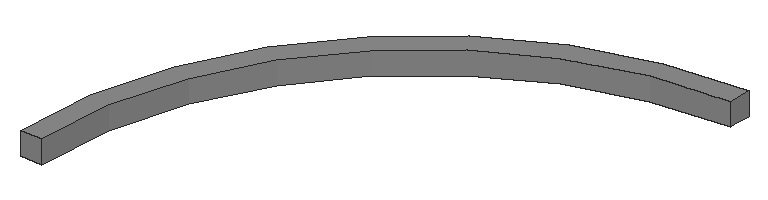
Revit family "Haworth_Pergola_Panel_TopRail_Radial", category Furniture Systems, Revit 2018
Family settings
  Round Connector Dimension = Use Diameter
  Part Type = Normal
  OmniClass Number = 23.40.70.14.64.21
  OmniClass Title = Systems Furniture
  Work Plane-Based = No
  Always vertical = Yes
  Cut with Voids When Loaded = No
  Shared = No
  Room Calculation Point = No
Parameters (values of type "72 in. radius")
  Warranty = "http://www.haworth.com/resources/product-info/warranties"
  URL - Product = "https://www.haworth.com/na/en/inspiration/pergola.html"
  URL = "http://www.haworth.com"
  Trim Finish = Haworth _ Paint _ Undecided _ Pergola
  Sustainability Info = "http://www.haworth.com/company-info/sustainablility"
  Standard Radius = "72 in."  # constant formula
  Model = "Haworth Pergola"  # constant formula
  Description = "Haworth - Pergola Panel - Top Rail - Radial"  # constant formula
  Actual Depth = 4"  # constant formula
  Size = "Verify Final Dim. w/ Haworth"  # constant formula
  Revision Number = "1"  # constant formula
  Min. Width = 48"  # constant formula
  Max. Width = 144"  # constant formula
  Min. Height = 4"  # constant formula
  Max. Height = 4"  # constant formula
  Manufacturer = "Haworth"  # constant formula
  Author = "Haworth (Bentzen)"  # constant formula
  Assembly Code = "E2020200"
  Actual Height = 4 25/128"  # constant formula
Reference planes (in)
  plane 1 "Bottom": z = 0
  plane 2 "Back": y = 2
  plane 3 "Front": y = -2
  plane 4 "Right": x = 119.5
  plane 5 "Top": z = 96
  plane 6 "Left": x = 45.48421
  plane 7 "Underbeam Height": z = 91.80469
  plane 8: y = 0.59915
  plane 9: y = -0.59915
  plane 10: z = 94.04331
  plane 11 "Bottom Front": y = -72.01577
  plane 12: y = 0.58381
  plane 13: y = -0.61501
  plane 14: y = -0.0156
  plane 15: x = 46.90413
  plane 16: x = 48.10295
  plane 17: x = 47.50354
  plane 18: y = -23.41619
  plane 19: y = -24.61501
  plane 20: y = -24.0156
  plane 21 "Bottom Right": x = 49.52287
  plane 22: x = 71.49983
  plane 23: z = 96
  plane 24: z = 91.80469
Forms (in)
  Revolve 1, solid, material "Haworth _ Paint _ Undecided _ Pergola" <- "Trim Finish"
    sketch origin (119.5, 0, 0.5) x (0, 1, 0) y (0, 0, 1)
      loop
        line (-2, 95.5) -> (-2, 91.30469) -> (-0.59915, 91.30469) -> (2, 91.30469) -> (2, 95.5) -> (-2, 95.5)
      axis (-72.01577, 91.30469) -> (-72.01577, 95.5)
    angle from 0 to 90
Lines and regions (in)
  Masking region 1
    outline origin (0, 0, 0) x (1, 0, 0) y (0, 1, 0)
      loop
        arc (119.5, 2) -> (67.16295, -19.67872) -> (45.48423, -72.01577) r 74.01577
        line (45.48423, -72.01577) -> (49.48423, -72.01577)
        arc (49.48423, -72.01577) -> (69.99138, -22.50714) -> (119.5, -2) r 70.01577
        line (119.5, -2) -> (119.5, 2)
Dimensions and locks (in)
  plane 7 "Underbeam Height" to plane 1 "Bottom" = 91 103/128"
  "Actual Height": plane 5 "Top" to plane 7 "Underbeam Height"
  equal spacing: plane 12, plane 14, plane 13
  equal spacing: plane 15, plane 17, plane 16
  equal spacing: plane 18, plane 20, plane 19
  aligned and locked: level to plane 1 "Bottom"
  aligned and locked: plane 4 "Right" to Masking region 1
  aligned and locked: plane 23 to Revolve 1
  aligned and locked: plane 4 "Right" to Revolve 1
  aligned and locked: Revolve 1 to plane 11 "Bottom Front"
Automatic sketch dimensions
  Masking region 1 sketch curve to plane 4 "Right" = 0"
  plane 3 "Front" to Masking region 1 sketch curve = 0"
  plane 2 "Back" to Masking region 1 sketch curve = 0"
  plane 11 "Bottom Front" to Masking region 1 sketch curve = 0"
  Revolve 1 sketch curve to plane 11 "Bottom Front" = 0"
  Revolve 1 sketch curve to plane 3 "Front" = 0"
  Revolve 1 sketch curve to plane 7 "Underbeam Height" = 0"
  Revolve 1 sketch curve to plane 9 = 0"
  Revolve 1 sketch curve to plane 2 "Back" = 0"
  Revolve 1 sketch curve to plane 5 "Top" = 0"
  plane 5 "Top" to Revolve 1 sketch curve = 1/2"
  Revolve 1 sketch curve to Revolve 1 sketch curve = 12"
